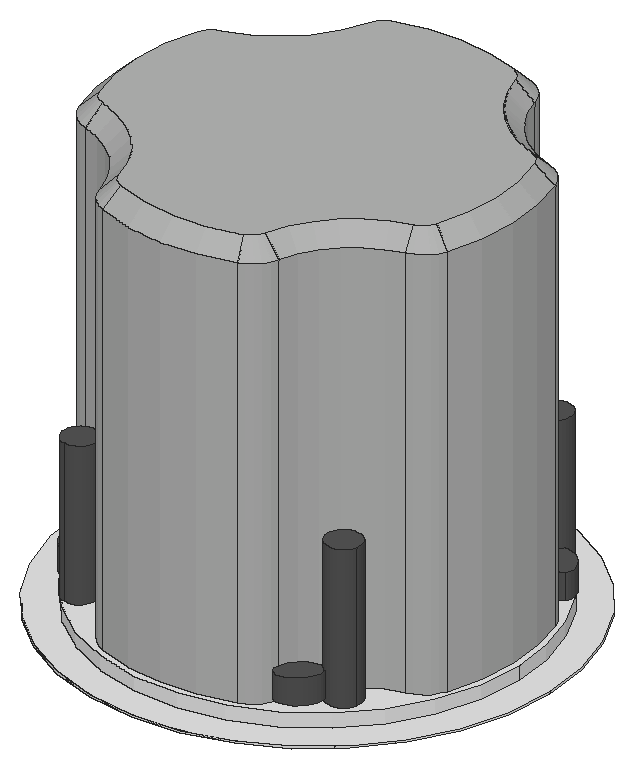
Revit family "CMS 603DC BM", category Communication Devices, Revit 2020
Family settings
  Maintain Annotation Orientation = No
  Round Connector Dimension = Use Diameter
  Part Type = Normal
  Work Plane-Based = Yes
  Always vertical = No
  Cut with Voids When Loaded = Yes
  Shared = No
  Room Calculation Point = No
Parameters
  Weight (kg) [instance] = 6.6  # constant formula
  Thickness [instance] = 12 mm
  Taps [instance] = "60, 30, 15, 7.5"  # constant formula
  Sensitivity [instance] = 91  # constant formula
  SPL Max (Peak) [instance] = 116  # constant formula
  Power Handling (Average) [instance] = 80  # constant formula
  Model = "CMS 603 BM"
  Manufacturer = "Tannoy"
  Impedance [instance] = 16  # constant formula
  Grille [instance] = yes
  Default Elevation = 0 mm
Reference planes
  plane 1 "Center (Front/Back)": y = 0
  plane 2: z = 0
  plane 3 "Center (Left/Right)": x = 0
Forms (mm)
  Extrusion 1, solid, not visible
    sketch origin (0, 0, 0) x (1, 0, 0) y (0, 1, 0)
      loop
        line (-500, 500) -> (-500, -500) -> (500, -500) -> (500, 500) -> (-500, 500)
    from 0 to 12 <- "Thickness"
  Extrusion 2, void
    sketch origin (0, 0, 0) x (1, 0, 0) y (0, 1, 0)
      loop
        circle (0, 0) r 126.5
    from 0 to 12 <- "Thickness"
Cuts and joins
  Extrusion 2 cuts Extrusion 1
Lines and regions (mm)
  model lines, detail levels coarse
    curve 1: circle (0, 0, 0) r 140.369 normal (0, 0, 1)
Dimensions and locks
  aligned and locked: level to plane 2
Nested families
  nested 1: "CMS 603DC BM - Base1" at (0, 0, 0), Grille <- "Grille", Thickness <- "Thickness", type "CMS 603DC BM - Base1", detail levels medium+fine
    with Thickness 12 mm, Offset 12 mm, Grille yes
Connectors
  electrical at (23.833, 23.833, 256)
    settings: on nested 1, index 1, voltage 0 V, apparent load 0 VA, apparent load phase1 0 VA, apparent load phase2 0 VA, apparent load phase3 0 VA, power factor 1, load classification "Other", number of poles 1, system type 14, power factor state 1, is connector primary yes, connector utility no, sub classification motor no, connector description "Speaker In - 2pin"
Definition of nested family "CMS 603DC BM - Base1"
  Parameters (values of type "CMS 603DC BM - Base1")
    Thickness [instance] = 12 mm
    Model = "CMS603DC BM"
    Manufacturer = "Tannoy"
    Grille [instance] = yes
    Default Elevation = 0 mm
    Offset [instance] = if(Thickness < 8 mm, 8 mm, Thickness)  # 12 mm
  Reference planes
    plane 1 "Center (Front/Back)": y = 0
    plane 2: z = 0
    plane 3 "Center (Left/Right)": x = 0
    plane 4 "Driver Plane": z = -1.1
  Forms (mm)
    Extrusion 1, solid
      sketch origin (0, 0, 0) x (1, 0, 0) y (0, 1, 0)
        loop
          circle (0, 0) r 140.369
      from 0 to -1.1
    Blend 2, solid
      base sketch origin (0, 0, 0) x (1, 0, 0) y (0, 1, 0)
        loop
          circle (0, 0) r 140.369
      top sketch origin (0, 0, 0) x (1, 0, 0) y (0, 1, 0)
        loop
          circle (0, 0) r 118.66
      from -1.1 to -4.9
    Extrusion 3, void
      sketch origin (0, 0, 0) x (1, 0, 0) y (0, 1, 0)
        loop
          circle (0, 0) r 118.082
      from -1.1 to -4.9
    Extrusion 4, solid, visible <- "Grille"
      sketch origin (0, 0, 0) x (1, 0, 0) y (0, 1, 0)
        loop
          circle (0, 0) r 118.082
      from -1.1 to -5.2
    Extrusion 5, solid
      sketch origin (0, 0, 0) x (1, 0, 0) y (0, 1, 0)
        loop
          circle (0, 0) r 122.15
      from 0 to 8
    Extrusion 6, solid
      sketch origin (0, 0, 0) x (1, 0, 0) y (0, 1, 0)
        loop
          arc (-40.733, 111.279) -> (-49.202, 105.6) -> (-54.095, 96.653) r 21.466
          arc (-54.095, 96.653) -> (-69.661, 69.657) -> (-96.657, 54.091) r 60.074
          arc (-96.657, 54.091) -> (-105.601, 49.2) -> (-111.279, 40.733) r 21.46
          arc (-111.279, 40.733) -> (-118.5, -0.005) -> (-111.276, -40.742) r 118.5
          arc (-111.276, -40.742) -> (-105.597, -49.209) -> (-96.652, -54.101) r 21.463
          arc (-96.652, -54.101) -> (-69.656, -69.667) -> (-54.09, -96.664) r 60.074
          arc (-54.09, -96.664) -> (-49.201, -105.602) -> (-40.74, -111.276) r 21.447
          arc (-40.74, -111.276) -> (0, -118.5) -> (40.74, -111.276) r 118.5
          arc (40.74, -111.276) -> (49.201, -105.602) -> (54.09, -96.664) r 21.447
          arc (54.09, -96.664) -> (69.656, -69.667) -> (96.652, -54.101) r 60.074
          arc (96.652, -54.101) -> (105.597, -49.209) -> (111.276, -40.742) r 21.463
          arc (111.276, -40.742) -> (118.5, -0.005) -> (111.279, 40.733) r 118.5
          arc (111.279, 40.733) -> (105.601, 49.2) -> (96.657, 54.091) r 21.46
          arc (96.657, 54.091) -> (69.661, 69.657) -> (54.095, 96.653) r 60.074
          arc (54.095, 96.653) -> (49.202, 105.6) -> (40.733, 111.279) r 21.466
          arc (40.733, 111.279) -> (0, 118.5) -> (-40.733, 111.279) r 118.5
      from 8 to 246
    Blend 7, solid
      base sketch origin (0, 0, 0) x (1, 0, 0) y (0, 1, 0)
        loop
          arc (-40.733, 111.279) -> (-49.202, 105.6) -> (-54.095, 96.653) r 21.466
          arc (-54.095, 96.653) -> (-69.661, 69.657) -> (-96.657, 54.091) r 60.074
          arc (-96.657, 54.091) -> (-105.601, 49.2) -> (-111.279, 40.733) r 21.46
          arc (-111.279, 40.733) -> (-118.5, -0.005) -> (-111.276, -40.742) r 118.5
          arc (-111.276, -40.742) -> (-105.597, -49.209) -> (-96.652, -54.101) r 21.463
          arc (-96.652, -54.101) -> (-69.656, -69.667) -> (-54.09, -96.664) r 60.074
          arc (-54.09, -96.664) -> (-49.201, -105.602) -> (-40.74, -111.276) r 21.447
          arc (-40.74, -111.276) -> (0, -118.5) -> (40.74, -111.276) r 118.5
          arc (40.74, -111.276) -> (49.201, -105.602) -> (54.09, -96.664) r 21.447
          arc (54.09, -96.664) -> (69.656, -69.667) -> (96.652, -54.101) r 60.074
          arc (96.652, -54.101) -> (105.597, -49.209) -> (111.276, -40.742) r 21.463
          arc (111.276, -40.742) -> (118.5, -0.005) -> (111.279, 40.733) r 118.5
          arc (111.279, 40.733) -> (105.601, 49.2) -> (96.657, 54.091) r 21.46
          arc (96.657, 54.091) -> (69.661, 69.657) -> (54.095, 96.653) r 60.074
          arc (54.095, 96.653) -> (49.202, 105.6) -> (40.733, 111.279) r 21.466
          arc (40.733, 111.279) -> (0, 118.5) -> (-40.733, 111.279) r 118.5
      top sketch origin (0, 0, 0) x (1, 0, 0) y (0, 1, 0)
        loop
          arc (-37.246, 101.751) -> (-41.75, 98.771) -> (-44.43, 94.075) r 11.665
          arc (-44.43, 94.075) -> (-62.917, 62.913) -> (-94.08, 44.429) r 73.225
          arc (-94.08, 44.429) -> (-98.77, 41.75) -> (-101.751, 37.245) r 11.666
          arc (-101.751, 37.245) -> (-108.354, -0.005) -> (-101.748, -37.254) r 108.354
          arc (-101.748, -37.254) -> (-98.766, -41.759) -> (-94.075, -44.439) r 11.669
          arc (-94.075, -44.439) -> (-62.572, -62.584) -> (-44.427, -94.087) r 69.962
          arc (-44.427, -94.087) -> (-41.751, -98.771) -> (-37.252, -101.749) r 11.653
          arc (-37.252, -101.749) -> (0, -108.354) -> (37.252, -101.749) r 108.354
          arc (37.252, -101.749) -> (41.751, -98.771) -> (44.427, -94.087) r 11.653
          arc (44.427, -94.087) -> (62.572, -62.584) -> (94.075, -44.439) r 69.962
          arc (94.075, -44.439) -> (98.766, -41.759) -> (101.748, -37.254) r 11.669
          arc (101.748, -37.254) -> (108.354, -0.005) -> (101.751, 37.245) r 108.354
          arc (101.751, 37.245) -> (98.77, 41.75) -> (94.08, 44.429) r 11.666
          arc (94.08, 44.429) -> (62.917, 62.913) -> (44.429, 94.081) r 73.225
          arc (44.429, 94.081) -> (41.75, 98.771) -> (37.246, 101.751) r 11.665
          arc (37.246, 101.751) -> (0, 108.354) -> (-37.246, 101.751) r 108.354
      from 246 to 256
    Extrusion 8, solid
      sketch origin (10.861, -18.676, 0) x (0.980367, -0.197183, 0) y (0.197183, 0.980367, 0)
        loop
          circle (-108.004, 78.469) r 9.839
      from 10.5 to 96
    Extrusion 9, solid
      sketch origin (10.861, -18.676, 0) x (0.980367, -0.197183, 0) y (0.197183, 0.980367, 0)
        loop
          spline (-103.444, 85.657) -> (-101.576, 84.912) -> (-99.358, 84.926) -> (-96.941, 85.697) -> (-94.49, 87.174) -> (-92.171, 89.255) -> (-90.143, 91.799) -> (-88.544, 94.632) -> (-87.483, 97.561) -> (-87.032, 100.387) -> (-87.223, 102.917) -> (-88.041, 104.979) -> (-89.431, 106.432)
          spline (-89.431, 106.432) -> (-91.299, 107.177) -> (-93.517, 107.163) -> (-95.934, 106.391) -> (-98.385, 104.915) -> (-100.704, 102.833) -> (-102.731, 100.29) -> (-104.33, 97.456) -> (-105.391, 94.527) -> (-105.842, 91.701) -> (-105.652, 89.171) -> (-104.834, 87.109) -> (-103.444, 85.657)
      from 12 <- "Thickness" to 26.878
    Extrusion 10, solid, not visible
      sketch origin (0, 0, 0) x (1, 0, 0) y (0, 1, 0)
        loop
          circle (-108.004, 78.469) r 9.839
      from 10.5 to 96
    Extrusion 11, solid, not visible
      sketch origin (0, 0, 0) x (1, 0, 0) y (0, 1, 0)
        loop
          spline (-103.444, 85.657) -> (-101.576, 84.912) -> (-99.358, 84.926) -> (-96.941, 85.697) -> (-94.49, 87.174) -> (-92.171, 89.255) -> (-90.143, 91.799) -> (-88.544, 94.632) -> (-87.483, 97.561) -> (-87.032, 100.387) -> (-87.223, 102.917) -> (-88.041, 104.979) -> (-89.431, 106.432)
          spline (-89.431, 106.432) -> (-91.299, 107.177) -> (-93.517, 107.163) -> (-95.934, 106.391) -> (-98.385, 104.915) -> (-100.704, 102.833) -> (-102.731, 100.29) -> (-104.33, 97.456) -> (-105.391, 94.527) -> (-105.842, 91.701) -> (-105.652, 89.171) -> (-104.834, 87.109) -> (-103.444, 85.657)
      from 12 <- "Thickness" to 26.878
    Extrusion 12, solid
      sketch origin (-14.091, -15.601, 0) x (-0.148528, -0.988908, 0) y (0.988908, -0.148528, 0)
        loop
          circle (-108.004, 78.469) r 9.839
      from 10.5 to 96
    Extrusion 13, solid
      sketch origin (-14.091, -15.601, 0) x (-0.148528, -0.988908, 0) y (0.988908, -0.148528, 0)
        loop
          spline (-103.444, 85.657) -> (-101.576, 84.912) -> (-99.358, 84.926) -> (-96.941, 85.697) -> (-94.49, 87.174) -> (-92.171, 89.255) -> (-90.143, 91.799) -> (-88.544, 94.632) -> (-87.483, 97.561) -> (-87.032, 100.387) -> (-87.223, 102.917) -> (-88.041, 104.979) -> (-89.431, 106.432)
          spline (-89.431, 106.432) -> (-91.299, 107.177) -> (-93.517, 107.163) -> (-95.934, 106.391) -> (-98.385, 104.915) -> (-100.704, 102.833) -> (-102.731, 100.29) -> (-104.33, 97.456) -> (-105.391, 94.527) -> (-105.842, 91.701) -> (-105.652, 89.171) -> (-104.834, 87.109) -> (-103.444, 85.657)
      from 12 <- "Thickness" to 26.878
    Extrusion 14, solid
      sketch origin (-10.8, 18.732, 0) x (-0.980244, 0.197794, 0) y (-0.197794, -0.980244, 0)
        loop
          circle (-108.004, 78.469) r 9.839
      from 10.5 to 96
    Extrusion 15, solid
      sketch origin (-10.8, 18.732, 0) x (-0.980244, 0.197794, 0) y (-0.197794, -0.980244, 0)
        loop
          spline (-103.444, 85.657) -> (-101.576, 84.912) -> (-99.358, 84.926) -> (-96.941, 85.697) -> (-94.49, 87.174) -> (-92.171, 89.255) -> (-90.143, 91.799) -> (-88.544, 94.632) -> (-87.483, 97.561) -> (-87.032, 100.387) -> (-87.223, 102.917) -> (-88.041, 104.979) -> (-89.431, 106.432)
          spline (-89.431, 106.432) -> (-91.299, 107.177) -> (-93.517, 107.163) -> (-95.934, 106.391) -> (-98.385, 104.915) -> (-100.704, 102.833) -> (-102.731, 100.29) -> (-104.33, 97.456) -> (-105.391, 94.527) -> (-105.842, 91.701) -> (-105.652, 89.171) -> (-104.834, 87.109) -> (-103.444, 85.657)
      from 12 <- "Thickness" to 26.878
    Extrusion 16, solid
      sketch origin (16.346, 13.328, 0) x (0.172204, 0.985061, 0) y (-0.985061, 0.172204, 0)
        loop
          circle (-108.004, 78.469) r 9.839
      from 10.5 to 96
    Extrusion 17, solid
      sketch origin (16.346, 13.328, 0) x (0.172204, 0.985061, 0) y (-0.985061, 0.172204, 0)
        loop
          spline (-103.444, 85.657) -> (-101.576, 84.912) -> (-99.358, 84.926) -> (-96.941, 85.697) -> (-94.49, 87.174) -> (-92.171, 89.255) -> (-90.143, 91.799) -> (-88.544, 94.632) -> (-87.483, 97.561) -> (-87.032, 100.387) -> (-87.223, 102.917) -> (-88.041, 104.979) -> (-89.431, 106.432)
          spline (-89.431, 106.432) -> (-91.299, 107.177) -> (-93.517, 107.163) -> (-95.934, 106.391) -> (-98.385, 104.915) -> (-100.704, 102.833) -> (-102.731, 100.29) -> (-104.33, 97.456) -> (-105.391, 94.527) -> (-105.842, 91.701) -> (-105.652, 89.171) -> (-104.834, 87.109) -> (-103.444, 85.657)
      from 12 <- "Thickness" to 26.878
  Cuts and joins
    Extrusion 3 cuts Extrusion 1
    Extrusion 3 cuts Blend 2
    joined: Extrusion 1, Blend 2, Extrusion 5
    joined: Extrusion 6, Blend 7
  Lines and regions (mm)
    Split face 1
      outline origin (0, 0, 256) x (1, 0, 0) y (0, 1, 0)
        loop
          line (9.222, -21.95) -> (20.506, -33.234)
          arc (20.506, -33.234) -> (41.719, -42.021) -> (62.932, -33.234) r 30
          line (62.932, -33.234) -> (82.731, -13.435)
          arc (82.731, -13.435) -> (91.518, 7.778) -> (82.731, 28.991) r 30
          line (82.731, 28.991) -> (79.524, 32.199)
          arc (79.524, 32.199) -> (79.504, 34.339) -> (78.387, 36.164) r 4.013
          line (78.387, 36.164) -> (63.288, 51.263)
          arc (63.288, 51.263) -> (38.501, 62.821) -> (12.083, 55.743) r 39.982
          arc (12.083, 55.743) -> (-8.46, 34.094) -> (-18.912, 6.139) r 74.848
          arc (-18.912, 6.139) -> (-18.807, 4.13) -> (-17.894, 2.338) r 4.838
          line (-17.894, 2.338) -> (6.395, -21.95)
          arc (6.395, -21.95) -> (7.809, -22.536) -> (9.222, -21.95) r 2
    Split face 2
      outline origin (0, -0.003, 256) x (-0.939065, 0.343741, 0) y (-0.343741, -0.939065, 0)
        loop
          circle (-14.188, -30.576) r 9.5
    model lines
      curve 1: circle (0, 0, -1.1) r 72.5 normal (0, 0, 1)
      curve 2: circle (0, 0, -1.1) r 77.4 normal (0, 0, 1)
      curve 3: circle (0, 0, -1.1) r 64.259 normal (0, 0, 1)
      curve 4: circle (0, 0, -1.1) r 21.862 normal (0, 0, 1)
      curve 5: circle (0, 0, -1.1) r 11.756 normal (0, 0, 1)
      curve 6: circle (0, 0, -1.1) r 6.4 normal (0, 0, 1)
      curve 7: arc (78.153, 43.58, -1.1) -> (0, 89.483, -1.1) -> (-78.153, 43.58, -1.1) r 89.483
      curve 8: arc (-78.153, -43.58, -1.1) -> (-80.483, 0, -1.1) -> (-78.153, 43.58, -1.1) r 408.846
      curve 9: arc (78.153, -43.58, -1.1) -> (0, -89.483, -1.1) -> (-78.153, -43.58, -1.1) r 89.483
      curve 10: arc (78.153, -43.58, -1.1) -> (80.483, 0, -1.1) -> (78.153, 43.58, -1.1) r 408.846
      curve 11: circle (101, 0, -1.1) r 11.176 normal (0, 0, 1)
      curve 12: line (101.576, 6.073, -1.1) -> (103.497, 5.558, -1.1)
      curve 13: line (103.497, 5.558, -1.1) -> (100.384, -6.061, -1.1)
      curve 14: line (100.384, -6.061, -1.1) -> (98.463, -5.546, -1.1)
      curve 15: line (98.463, -5.546, -1.1) -> (101.576, 6.073, -1.1)
      curve 16: arc (-91.211, 19.127, -1.1) -> (-91.638, 0, -1.1) -> (-91.211, -19.127, -1.1) r 429.137
      curve 17: arc (-91.211, -19.127, -1.1) -> (-98.546, -27.8, -1.1) -> (-107.761, -21.159, -1.1) r 8.362
      curve 18: arc (-107.761, -21.159, -1.1) -> (-109.881, 0, -1.1) -> (-107.761, 21.159, -1.1) r 106.631
      curve 19: arc (-107.761, 21.159, -1.1) -> (-98.546, 27.8, -1.1) -> (-91.211, 19.127, -1.1) r 8.362
  Dimensions and locks
    locked: Extrusion 17 to Extrusion 17 at 14.878
    aligned and locked: level to plane 2
